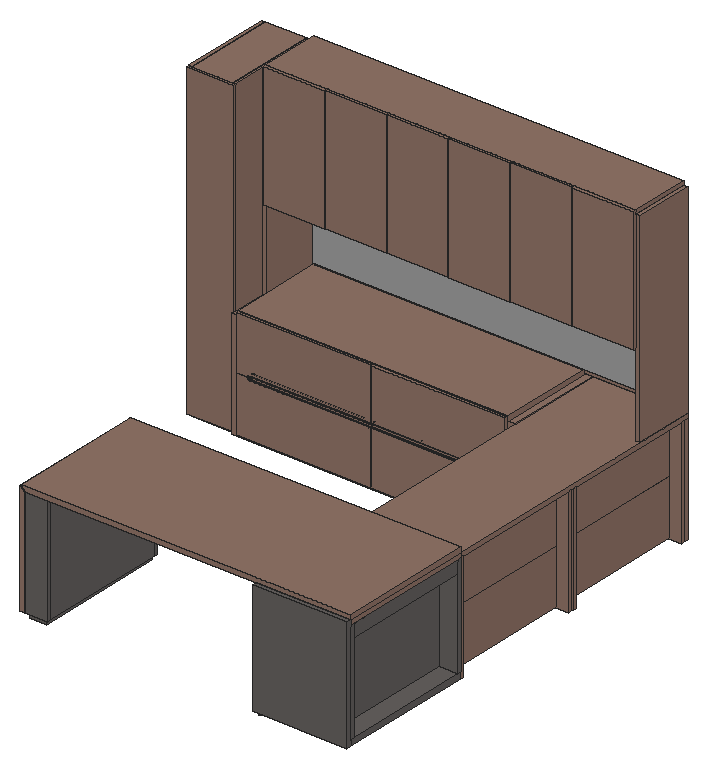
Revit family "OFS TYPICAL T100006", category Furniture, Revit 2022 (continued)
Definition of nested family "OFS SLATE CREDENZAS"
  Types (19): name | Width | Type | Model | Description
    66"W Double Pedestal | 5' - 6" | 1 | "CA-6624CR-2" | "OFS SLATE Credenza Double Pedestal, 66W x 24.75D x 29,25H, Slate Private Office"
    60"W Double Pedestal | 5' - 0" | 1 | "CA-6024CR-2" | "OFS SLATE Credenza Double Pedestal, 60W x 24.75D x 29,25H, Slate Private Office"
  Reference planes (in)
    plane 1 "Center (Front/Back)": y = 0
    plane 2: z = 0
    plane 3 "Center (Left/Right)": x = 0
    plane 4: x = 108
    plane 5: y = -24.83728
    plane 6: x = 54
  Dimensions and locks (in)
    "Width": plane 3 "Center (Left/Right)" to plane 4
    equal spacing: plane 3 "Center (Left/Right)", plane 6, plane 4
    aligned and locked: level to plane 2
    aligned and locked: plane 6 to nested 1
    aligned and locked: plane 5 to nested 1
  Nested families (in)
    nested 1: "Tag" at (54, -24.83728, 0), type "Center", detail levels fine
      with Offset (LR) 0' - 0", Distance of Center (not Change) 0' - 0.12"
    nested 2: "OFS_Slate Private Office_Credenzas_Double Pedestal" at (0, 0, 0), Top <- "Top", Panel <- "Panel", Glides <- "Glides", Drawers <- "Drawers", Case <- "Case", Base <- "Base", Width <- "Width", Type <- "Type", type "OFS_Slate Private Office_Credenzas_Double Pedestal"
      with Width 1 9' - 0", Width 9' - 0", Type 4, Top none, Panel none, Glides none, Drawers none, Double Pedestal no, Case none, Base none
    nested 3: "OFS_Slate Private Office_Credenzas_Lateral File Cabinet" at (0, 0, 0), Top <- "Top", Glides <- "Glides", Drawers <- "Drawers", Case <- "Case", Base <- "Base", Width <- "Width", type "OFS_Slate Private Office_Credenzas_Lateral File Cabinet"
      with Width 1 9' - 0", Width 9' - 0", Top none, Length 2' - 4.755", Glides none, Drawers none, Case none, Base none, Type 4, Lateral File/Cabinet no
    nested 4: "OFS_Slate Private Office_Credenzas_Lateral File" at (0, 0, 0), Top <- "Top", Glides <- "Glides", Drawers <- "Drawers", Case <- "Case", Base <- "Base", Width <- "Width", type "OFS_Slate Private Office_Credenzas_Lateral File"
      with Width 9' - 0", Top none, Length 3 9' - 3", Length 2 2' - 4.692", Length 1 4' - 6", Glides none, Drawers none, Case none, Base none, Type 4, Lateral File no
    nested 5: "OFS_Slate Private Office_Credenzas_Overlay Lateral File Doors" at (0, 0, 0), Top <- "Top", Panel <- "Panel", Glides <- "Glides", Drawers <- "Drawers", Case <- "Case", Base <- "Base", Width <- "Width", type "OFS_Slate Private Office_Credenzas_Overlay Lateral File Doors"
      with Width 1 9' - 0", Width 9' - 0", Top none, Panel none, Length 2 1' - 5 7/8", Length 1 2' - 3.005", Lateral Drawers no, Glides none, Drawers none, Case none, Base none, 4 Drawers no, 2 Drawers no, Type 4, Overlay Lateral File no
    nested 6: "OFS_Slate Private Office_Credenzas_Overlay Lateral File" at (0, 0, 0), Top <- "Top", Panel <- "Panel", Glides <- "Glides", Drawers <- "Drawers", Case <- "Case", Base <- "Base", Width <- "Width", type "OFS_Slate Private Office_Credenzas_Overlay Lateral File"
      with Width 9' - 0", Top none, Panel none, Length 2 1' - 5 7/8", Length 1 2' - 3.005", Glides none, Drawers none, Case none, Base none, 6 Drawers yes, 4 Drawers no, 2 Drawers no
  Definition of nested family "OFS_Slate Private Office_Credenzas_Overlay Lateral File"
    Parameters
      Width [instance] = 2' - 6"
      URL = "http://www.ofsbrands.com/"
      Type = 4
      Top [instance] = none
      Panel [instance] = none
      Model = "Type Catalog"
      Manufacturer = "OFS BRANDS"  # constant formula
      Length 2 [instance] = if(and(Type = 4, Width < 5' 0"), 0' 0.063", 1' 5 7/8")  # 0' - 0.063"
      Length 1 [instance] = if(and(Type = 4, Width = 2' 6"), 1' 7.255", if(and(Type = 4, Width = 3' 0"), 2' 1.255", if(and(Type = 4, Width = 5' 0"), 1' 1.255", if(and(Type = 4, Width = 6' 0"), 2' 1.255", if(and(Type = 4, Width = 7' 6"), 1' 6.005", 2' 3.005")))))  # 1' - 7.255"
      Overlay Lateral File = Type = 4  # yes
      Glides [instance] = none
      Drawers [instance] = none
      Description = "Type Catalog"
      Default Elevation = 0' - 0"
      Copyright © = "© 2016 OFS BRANDS"  # constant formula
      Catalog = "OFS"  # constant formula
      Case [instance] = none
      Base [instance] = none
      Authoring Version = "Autodesk Revit Architecture 2014"  # constant formula
      Assembly Code = "E2020200"
      6 Drawers [instance] = and(Type = 4, Width > 6' 0")  # no
      4 Drawers [instance] = and(Type = 4, Width > 3' 0", Width < 7' 6")  # no
      2 Drawers [instance] = and(Type = 4, Width < 5' 0")  # yes
    Reference planes (in)
      plane 1 "Center (Front/Back)": y = 0
      plane 2: z = 0
      plane 3 "Center (Left/Right)": x = 0
      plane 4: x = 29.25
      plane 5: x = 30
      plane 6: x = 0.75
      plane 7: y = -24
      plane 8: y = -25.58661
      plane 9: y = -23.125
      plane 10: x = 0.125
      plane 11: x = 29.875
      plane 12: z = 0.45
      plane 13: z = 30.3875
      plane 14: y = -1.38677
      plane 15: y = -21.25
      plane 16: y = -11.5625
      plane 17: x = 15
      plane 18: x = 1.8755
      plane 19: x = 28.1245
      plane 20: x = 1.8125
      plane 21: x = 28.1875
      plane 22: x = 28.0625
      plane 23: x = 10.60417
      plane 24: x = 19.39583
    Forms (in)
      Revolve 1, solid, material <- "Glides", visible <- "Overlay Lateral File"
        sketch origin (1.0178, -1.38677, 47.24409) x (-1, 0, 0) y (0, 0, 1)
          loop
            line (0.04905, -46.79409) -> (0.04905, -47.24409) -> (0.29405, -47.24409)
            arc (0.29405, -47.24409) -> (0.42215, -47.13626) -> (0.33773, -46.99165) r 0.13
            line (0.33773, -46.99165) -> (0.29905, -46.99165) -> (0.29905, -46.79409) -> (0.04905, -46.79409)
          axis (0.04905, -46.79409) -> (0.04905, -47.24409)
        angle from 0 to 360
      Revolve 2, solid, material <- "Glides", visible <- "Overlay Lateral File"
        sketch origin (70.9822, -1.38677, 47.24409) x (1, 0, 0) y (0, 0, -1)
          loop
            line (-41.95095, 46.79409) -> (-41.70095, 46.79409) -> (-41.70095, 46.99165) -> (-41.66227, 46.99165)
            arc (-41.66227, 46.99165) -> (-41.57785, 47.13626) -> (-41.70595, 47.24409) r 0.13
            line (-41.70595, 47.24409) -> (-41.95095, 47.24409) -> (-41.95095, 46.79409)
          axis (-41.95095, 46.79409) -> (-41.95095, 47.24409)
        angle from 0 to 360
      Revolve 3, solid, material <- "Glides", visible <- "Overlay Lateral File"
        sketch origin (1.0178, -21.25, 47.24409) x (-1, 0, 0) y (0, 0, 1)
          loop
            line (-28.01344, -46.79409) -> (-28.26344, -46.79409) -> (-28.26344, -46.99165) -> (-28.30212, -46.99165)
            arc (-28.30212, -46.99165) -> (-28.38654, -47.13626) -> (-28.25844, -47.24409) r 0.13
            line (-28.25844, -47.24409) -> (-28.01344, -47.24409) -> (-28.01344, -46.79409)
          axis (-28.01344, -46.79409) -> (-28.01344, -47.24409)
        angle from 0 to 360
      Revolve 4, solid, material <- "Glides", visible <- "Overlay Lateral File"
        sketch origin (1.0178, -21.25, 47.24409) x (-1, 0, 0) y (0, 0, 1)
          loop
            line (0.04905, -46.79409) -> (0.04905, -47.24409) -> (0.29405, -47.24409)
            arc (0.29405, -47.24409) -> (0.42215, -47.13626) -> (0.33773, -46.99165) r 0.13
            line (0.33773, -46.99165) -> (0.29905, -46.99165) -> (0.29905, -46.79409) -> (0.04905, -46.79409)
          axis (0.04905, -46.79409) -> (0.04905, -47.24409)
        angle from 0 to 360
      Sweep 5, solid, material <- "Panel", visible <- "Overlay Lateral File"
        path origin (-60.07556, -60, 0.45) x (-1, 0, 0) y (0, -1, 0)
          loop
            line (-90.07556, -36.875) -> (-60.07556, -36.875)
        profile origin (15, -23.125, 0.45) x (0, -1, 0) y (0, 0, 1)
          loop
            line (-0.75, 0) -> (0, 0) -> (0, 1.25) -> (-0.75, 1.25) -> (-0.75, 0)
      Extrusion 6, solid, material <- "Case", visible <- "Overlay Lateral File"
        sketch origin (0, 0, 0) x (0, 1, 0) y (0, 0, 1)
          loop
            line (0, 29.2) -> (-0.76133, 29.2) -> (-0.76133, 0.45) -> (0, 0.45) -> (0, 29.2)
        from 1.9375 to 28.0625
      Extrusion 7, solid, material <- "Panel", visible <- "Overlay Lateral File"
        sketch origin (0, 0, 0) x (1, 0, 0) y (0, 0, 1)
          loop
            line (0, 29.2) -> (0, 1.7) -> (1.9375, 1.7) -> (1.9375, 29.2) -> (0, 29.2)
          loop
            line (28.0625, 29.2) -> (28.0625, 1.7) -> (30, 1.7) -> (30, 29.2) -> (28.0625, 29.2)
        from 0 to 24.75
      Extrusion 8, solid, material <- "Base", visible <- "Overlay Lateral File"
        sketch origin (-3.76383, -25.58661, 47.24409) x (-1, 0, 0) y (0, 0, 1)
          loop
            line (-5.70133, -44.79409) -> (-31.82633, -44.79409) -> (-31.82633, -45.54409) -> (-5.70133, -45.54409) -> (-5.70133, -44.79409)
        from 0.83661 to 24.83661
      Extrusion 9, solid, material <- "Top", visible <- "Overlay Lateral File"
        sketch origin (1.8125, -27.03977, 47.24409) x (0, -1, 0) y (0, 0, 1)
          loop
            line (-26.28977, -16.85659) -> (-26.28977, -18.0441) -> (-2.28977, -18.0441) -> (-2.28977, -16.85659) -> (-26.28977, -16.85659)
        from 0 to -26.375
      Extrusion 10, solid, material <- "Panel", visible <- "Overlay Lateral File"
        sketch origin (-60.07556, -60, 0.45) x (-1, 0, 0) y (0, -1, 0)
          loop
            line (-62.01306, -38.8125) -> (-62.01306, -60) -> (-60.07556, -60) -> (-60.07556, -36.875) -> (-62.01306, -38.8125)
          loop
            line (-88.13806, -38.8125) -> (-90.07556, -36.875) -> (-90.07556, -60) -> (-88.13806, -60) -> (-88.13806, -38.8125)
        from 0 to 1.25
      Sweep 11, void
        path origin (-3.76383, -25.58661, 47.24409) x (-1, 0, 0) y (0, 0, 1)
          loop
            line (-9.13633, -29.82608) -> (-28.39133, -29.82608)
            arc (-28.39133, -29.82608) -> (-29.2031, -30.63785) -> (-28.39133, -31.44961) r 0.81176
            line (-28.39133, -31.44961) -> (-9.13633, -31.44961)
            arc (-9.13633, -31.44961) -> (-8.32457, -30.63785) -> (-9.13633, -29.82608) r 0.81176
        profile origin (15, -25.58661, 17.41801) x (0, 0, -1) y (0, 1, 0)
          loop
            line (0.74926, 0) -> (0.74926, 0.59375) -> (0.23364, 0.59375)
            arc (0.23364, 0.59375) -> (0.00071, 0.38112) -> (0.19126, 0.12981) r 0.2339
            arc (0.19126, 0.12981) -> (0.23287, 0.10547) -> (0.24927, 0.06015) r 0.07084
            line (0.24927, 0.06015) -> (0.24927, 0) -> (0.74926, 0)
      Extrusion 12, solid, material <- "Drawers", visible <- "2 Drawers"
        sketch origin (15, -60, -12) x (0, 0, -1) y (0, -1, 0)
          loop
            line (-42.325, -35.16339) -> (-28.66875, -35.16339) -> (-28.66875, -34.41339) -> (-42.325, -34.41339) -> (-42.325, -35.16339)
          loop
            line (-13.7, -35.16339) -> (-13.7, -34.41339) -> (-28.54375, -34.41339) -> (-28.54375, -35.16339) -> (-13.7, -35.16339)
        from -13.0625 to 13.0625
      Extrusion 13, solid, material <- "Drawers", visible <- "4 Drawers"
        sketch origin (-3.76383, -25.58661, 47.24409) x (-1, 0, 0) y (0, 0, 1)
          loop
            line (-5.70133, -16.9191) -> (-18.70133, -16.9191) -> (-18.70133, -30.57535) -> (-5.70133, -30.57535) -> (-5.70133, -16.9191)
          loop
            line (-5.70133, -44.79409) -> (-5.70133, -30.70035) -> (-18.70133, -30.70035) -> (-18.70133, -44.79409) -> (-5.70133, -44.79409)
          loop
            line (-18.82633, -16.9191) -> (-31.82633, -16.9191) -> (-31.82633, -30.57535) -> (-18.82633, -30.57535) -> (-18.82633, -16.9191)
          loop
            line (-18.82633, -44.79409) -> (-18.82633, -30.70035) -> (-31.82633, -30.70035) -> (-31.82633, -44.79409) -> (-18.82633, -44.79409)
        from 0 to 0.75
      Extrusion 14, solid, material <- "Drawers", visible <- "6 Drawers"
        sketch origin (-3.76383, -25.58661, 47.24409) x (-1, 0, 0) y (0, 0, 1)
          loop
            line (-5.70133, -16.9191) -> (-14.3055, -16.9191) -> (-14.3055, -30.57535) -> (-5.70133, -30.57535) -> (-5.70133, -16.9191)
          loop
            line (-5.70133, -30.70035) -> (-14.3055, -30.70035) -> (-14.3055, -44.79409) -> (-5.70133, -44.79409) -> (-5.70133, -30.70035)
          loop
            line (-23.09717, -16.9191) -> (-23.09717, -30.57535) -> (-14.4305, -30.57535) -> (-14.4305, -16.9191) -> (-23.09717, -16.9191)
          loop
            line (-23.09717, -30.70035) -> (-23.09717, -44.79409) -> (-14.4305, -44.79409) -> (-14.4305, -30.70035) -> (-23.09717, -30.70035)
          loop
            line (-31.82633, -16.9191) -> (-31.82633, -30.57535) -> (-23.22217, -30.57535) -> (-23.22217, -16.9191) -> (-31.82633, -16.9191)
          loop
            line (-31.82633, -30.70035) -> (-31.82633, -44.79409) -> (-23.22217, -44.79409) -> (-23.22217, -30.70035) -> (-31.82633, -30.70035)
        from 0 to 0.75
    Cuts and joins
      joined: Revolve 1, Revolve 2, Revolve 3, Revolve 4
      joined: Sweep 5, Extrusion 10
      Sweep 11 cuts Extrusion 12
      Sweep 11 cuts Extrusion 13
      Sweep 11 cuts Extrusion 14
    Lines and regions (in)
      Masking region 1, visible <- "Overlay Lateral File"
        outline origin (77.82463, -60, 30.3875) x (0, -1, 0) y (1, 0, 0)
          loop
            line (-60, -77.82463) -> (-34.41339, -77.82463) -> (-34.41339, -47.82463) -> (-60, -47.82463) -> (-60, -77.82463)
    Dimensions and locks (in)
      "Width": plane 3 "Center (Left/Right)" to plane 5
      equal spacing: plane 3 "Center (Left/Right)", plane 17, plane 5
      locked: Extrusion 7 sketch curve to plane 3 "Center (Left/Right)" at 1.9375
      locked: plane 20 to Extrusion 8 sketch curve at 0.125
      Extrusion 10 sketch curve to Extrusion 10 sketch curve to plane 9 = 0' - 0" locked, 0' - 1 15/16" locked
      locked: plane 3 "Center (Left/Right)" to Extrusion 10 sketch curve at 1.9375
      plane 3 "Center (Left/Right)" to plane 10 to plane 6 to plane 20 = 0' - 0 1/8" locked, 0' - 0 5/8" locked, 0' - 1 1/16" locked
      plane 22 to plane 21 to plane 4 to plane 11 to plane 5 = 0' - 0 1/8" locked, 0' - 1 1/16" locked, 0' - 0 5/8" locked, 0' - 0 1/8" locked
      "Length 2": plane 20 to plane 18
      "Length 2": plane 19 to plane 21
      Extrusion 13 sketch curve to plane 17 to Extrusion 13 sketch curve = 0' - 0 1/16" locked, 0' - 0 1/16" locked
      locked: Sweep 11 sketch curve to plane 3 "Center (Left/Right)" at 5.3725
      locked: Sweep 11 sketch curve to plane 5 at 5.3725
      equal spacing: plane 20, plane 23, plane 24, plane 21
      Extrusion 14 sketch curve to plane 23 to Extrusion 14 sketch curve = 0' - 0 1/16" locked, 0' - 0 1/16" locked
      Extrusion 14 sketch curve to plane 24 to Extrusion 14 sketch curve = 0' - 0 1/16" locked, 0' - 0 1/16" locked
      aligned and locked: level to plane 2
      aligned and locked: plane 9 to Sweep 5 sketch curve
      aligned and locked: plane 21 to Extrusion 9
      aligned and locked: Extrusion 6 to plane 22
      aligned and locked: Extrusion 7 sketch curve to plane 22
      aligned and locked: Extrusion 10 sketch curve to plane 22
      aligned and locked: plane 5 to Extrusion 10 sketch curve
      aligned and locked: plane 9 to Extrusion 10 sketch curve  (x2)
      aligned and locked: Extrusion 10 sketch curve to plane 3 "Center (Left/Right)"
      aligned and locked: plane 22 to Extrusion 8 sketch curve
      aligned and locked: Masking region 1 sketch curve to Extrusion 7
      aligned and locked: Extrusion 7 to Extrusion 12
      aligned and locked: Extrusion 12 to plane 22
      aligned and locked: Extrusion 13 sketch curve to Extrusion 6
      aligned and locked: Extrusion 13 sketch curve to cut or joined group of Sweep 11, Extrusion 12
      aligned and locked: Extrusion 13 sketch curve to Extrusion 13 sketch curve
      aligned and locked: plane 22 to Extrusion 13 sketch curve
      aligned and locked: Extrusion 14 sketch curve to cut or joined group of Sweep 11, Extrusion 13
      aligned and locked: Extrusion 14 sketch curve to Extrusion 14 sketch curve  (x6)
      aligned and locked: Extrusion 14 sketch curve to plane 22
    Automatic sketch dimensions
      Revolve 1 sketch curve to plane 12 = 0' - 0"
      Revolve 1 sketch curve to level = 0' - 0"  (x2)
      Revolve 1 sketch curve to plane 6 = 0' - 0 7/32"
      plane 6 to Revolve 1 sketch curve = 0' - 0.02625"
      plane 6 to Revolve 1 sketch curve = 0' - 0 1/32"
      Revolve 1 sketch curve to Revolve 1 sketch curve = 0' - 0.03868"
      level to Revolve 1 sketch curve = 0' - 0.13"
      Revolve 1 sketch curve to Revolve 1 sketch curve = 0' - 0"
      Revolve 1 sketch curve to level = 0' - 0.09316"
      Revolve 2 sketch curve to plane 12 = 0' - 0"
      Revolve 2 sketch curve to level = 0' - 0"  (x2)
      Revolve 2 sketch curve to plane 4 = 0' - 0 7/32"
      plane 4 to Revolve 2 sketch curve = 0' - 0.02625"
      plane 4 to Revolve 2 sketch curve = 0' - 0 1/32"
      Revolve 2 sketch curve to Revolve 2 sketch curve = 0' - 0.03868"
      Revolve 2 sketch curve to plane 12 = 0' - 0.19756"
      Revolve 2 sketch curve to Revolve 2 sketch curve = 0' - 0"
      Revolve 2 sketch curve to Revolve 2 sketch curve = 0' - 0.09316"
      Revolve 3 sketch curve to plane 12 = 0' - 0"
      Revolve 3 sketch curve to level = 0' - 0"  (x2)
      plane 4 to Revolve 3 sketch curve = 0' - 0.06992"
      plane 4 to Revolve 3 sketch curve = 0' - 0 1/32"
      plane 4 to Revolve 3 sketch curve = 0' - 0.02625"
      Revolve 3 sketch curve to plane 4 = 0' - 0 7/32"
      level to Revolve 3 sketch curve = 0' - 0.13"
      Revolve 3 sketch curve to Revolve 3 sketch curve = 0' - 0"
      Revolve 3 sketch curve to Revolve 3 sketch curve = 0' - 0.09316"
      Revolve 4 sketch curve to plane 12 = 0' - 0"
      Revolve 4 sketch curve to level = 0' - 0"  (x2)
      Revolve 4 sketch curve to plane 6 = 0' - 0 7/32"
      plane 6 to Revolve 4 sketch curve = 0' - 0.02625"
      plane 6 to Revolve 4 sketch curve = 0' - 0 1/32"
      Revolve 4 sketch curve to Revolve 4 sketch curve = 0' - 0.03868"
      Revolve 4 sketch curve to Revolve 4 sketch curve = 0' - 0.13"
      Revolve 4 sketch curve to Revolve 4 sketch curve = 0' - 0"
      Revolve 4 sketch curve to level = 0' - 0.09316"
      Extrusion 6 sketch curve to plane 12 = 0' - 0"
      Extrusion 6 sketch curve to plane 1 "Center (Front/Back)" = 0' - 0"
      plane 14 to Extrusion 6 sketch curve = 0' - 0.62544"
      plane 13 to Extrusion 6 sketch curve = 0' - 1 3/16"
      plane 12 to Extrusion 8 sketch curve = 0' - 1 1/4"
      Extrusion 8 sketch curve to Extrusion 8 sketch curve = 0' - 0 3/4"
      plane 13 to Extrusion 9 sketch curve = 0' - 0"
      plane 14 to Extrusion 9 sketch curve = 0' - 0.63677"
      Extrusion 9 sketch curve to plane 7 = 0' - 0 3/4"
      plane 13 to Extrusion 9 sketch curve = 0' - 1 3/16"
      plane 1 "Center (Front/Back)" to Extrusion 10 sketch curve = 0' - 0"  (x2)
      Sweep 11 sketch curve to plane 8 = 0' - 0"
      plane 8 to Sweep 11 sketch curve = 0' - 0.06015"
      Sweep 11 sketch curve to profile plane = 0' - 0.17843"
      Sweep 11 sketch curve to profile plane = 0' - 0.23364"
      Sweep 11 sketch curve to Sweep 11 sketch curve = 0' - 0.07084"
      Sweep 11 sketch curve to Sweep 11 sketch curve = 0' - 0 33/64"
      Sweep 11 sketch curve to Sweep 11 sketch curve = 0' - 0.2997"
      Sweep 11 sketch curve to Sweep 11 sketch curve = 0' - 0.2339"
      Extrusion 12 sketch curve to plane 8 = 0' - 0"  (x2)
      plane 13 to Extrusion 12 sketch curve = 0' - 0 1/16"
      plane 8 to Extrusion 12 sketch curve = 0' - 0 3/4"
      Extrusion 12 sketch curve to Extrusion 12 sketch curve = 1' - 1 21/32"
      Extrusion 12 sketch curve to Extrusion 12 sketch curve = 0' - 0 1/8"
      plane 12 to Extrusion 12 sketch curve = 0' - 1 1/4"
      Extrusion 12 sketch curve to Extrusion 12 sketch curve = 0' - 0 3/4"
      plane 13 to Sweep 11 sketch curve = 1' - 2.59302"
      Sweep 11 sketch curve to Sweep 11 sketch curve = 0' - 0.81176"
      Sweep 5 sketch curve to plane 5 = 0' - 0"
      Sweep 5 sketch curve to plane 3 "Center (Left/Right)" = 0' - 0"
      Sweep 5 sketch curve to plane 12 = 0' - 0"
      Sweep 5 sketch curve to profile plane = 0' - 0"
      profile plane to Sweep 5 sketch curve = 0' - 0 3/4"
      Sweep 5 sketch curve to Sweep 5 sketch curve = 0' - 1 1/4"
      Extrusion 7 sketch curve to plane 3 "Center (Left/Right)" = 0' - 0"
      plane 5 to Extrusion 7 sketch curve = 0' - 0"
      plane 12 to Extrusion 7 sketch curve = 0' - 1 1/4"  (x2)
      plane 13 to Extrusion 7 sketch curve = 0' - 1 3/16"  (x2)
      Extrusion 13 sketch curve to plane 17 = 0' - 0 1/16"
      plane 17 to Extrusion 13 sketch curve = 0' - 0 1/16"
      plane 12 to Extrusion 13 sketch curve = 0' - 2"  (x2)
      plane 13 to Extrusion 13 sketch curve = 1' - 1 27/32"
      Extrusion 13 sketch curve to Extrusion 13 sketch curve = 0' - 0"
      Extrusion 13 sketch curve to Extrusion 13 sketch curve = 0' - 0 1/8"  (x2)
      plane 13 to Extrusion 13 sketch curve = 0' - 0 1/16"  (x2)
      plane 12 to Extrusion 14 sketch curve = 0' - 2"  (x2)
      Extrusion 14 sketch curve to Extrusion 14 sketch curve = 0' - 0"  (x2)
      plane 13 to Extrusion 14 sketch curve = 1' - 1 27/32"  (x2)
      Extrusion 14 sketch curve to Extrusion 14 sketch curve = 0' - 0 1/8"  (x3)
      plane 13 to Extrusion 14 sketch curve = 0' - 0 1/16"  (x3)
      Masking region 1 sketch curve to plane 3 "Center (Left/Right)" = 0' - 0"
      Masking region 1 sketch curve to plane 8 = 0' - 0"
      Masking region 1 sketch curve to plane 5 = 0' - 0"
  Definition of nested family "Tag"
    Parameters
      P_Width = 0' - 0"
      Text_Width = "Empty"
      Text_Height = "Empty"
      Text_Diameter = "Empty"
      Text_Depth = "Empty"
      Offset (LR) [instance] = 0' - 0"
      Model Name = "Type Catalog"
      P_Height = 0' - 0"
      Distance of Center (not Change) = 0' - 0.1"
      P_Diameter = 0' - 0"
      P_Depth = 0' - 0"
    Reference planes (in)
      plane 1: y = 0
      plane 2: x = 0
    Lines and regions (in)
      reference lines
        curve 1: line (-0.44359, 0.1, 0) -> (0.41085, 0.1, 0)
        curve 3: line (0, 0.42564, 0) -> (0, -0.30221, 0)
      reference lines, not visible
        curve 2: line (-0.44359, 0.09843, 0) -> (0.41085, 0.09843, 0)
        curve 4: line (0, 0.42407, 0) -> (0, -0.30379, 0)
    Text (in)
      label "Empty" at (0.00197, 0.0921, 0), shows "Model Name"
      label "Empty" at (0.00197, 0.09052, 0), shows "Model Name", not visible
    Dimensions and locks (in)
      "Distance of Center (not Change)": plane 1 to curve 1
      "Offset (LR)": curve 3 to plane 2
    Automatic sketch dimensions
      curve 1 to curve 3 = 0' - 0.44359"
      curve 3 to curve 1 = 0' - 0.41085"
      curve 3 to curve 1 = 0' - 0.40221"
      curve 1 to curve 3 = 0' - 0.32564"
      curve 2 to curve 4 = 0' - 0.44359"
      curve 4 to curve 2 = 0' - 0.41085"
      curve 4 to curve 2 = 0' - 0.40221"
      curve 2 to curve 4 = 0' - 0.32564"
  Definition of nested family "OFS_Slate Private Office_Credenzas_Double Pedestal"
    Parameters
      Width 1 [instance] = if(Width < 5' 0", 5' 0", Width)  # 5' - 0"
      Width [instance] = 5' - 0"
      URL = "http://www.ofsbrands.com/"
      Type [instance] = 1
      Top [instance] = none
      Panel [instance] = none
      Model = "Type Catalog"
      Manufacturer = "OFS BRANDS"  # constant formula
      Glides [instance] = none
      Drawers [instance] = none
      Double Pedestal [instance] = Type = 1  # yes
      Description = "Type Catalog"
      Default Elevation = 0' - 0"
      Copyright © = "© 2016 OFS BRANDS"  # constant formula
      Catalog = "OFS"  # constant formula
      Case [instance] = none
      Base [instance] = none
      Authoring Version = "Autodesk Revit Architecture 2014"  # constant formula
      Assembly Code = "E2020200"
    Reference planes (in)
      plane 1 "Center (Front/Back)": y = 0
      plane 2: z = 0
      plane 3 "Center (Left/Right)": x = 0
      plane 4: z = 0.45
      plane 5: z = 1.7
      plane 6: z = 28.0125
      plane 7: z = 29.2
      plane 8: z = 2.45
      plane 9: x = 18
      plane 10: x = 30
      plane 11: x = 60
      plane 12: x = 42
      plane 13: y = -1.37544
      plane 14: y = -21.74956
      plane 15: y = -24
      plane 16: y = -24.83661
      plane 17: x = 0.75
      plane 18: x = 59.25
      plane 19: x = 17.25
      plane 20: x = 42.75
      plane 21: x = 18.75
      plane 22: x = 41.25
    Forms (in)
      Extrusion 1, solid, material <- "Top", visible <- "Double Pedestal"
        sketch origin (0, 0, 0) x (0, 1, 0) y (0, 0, 1)
          loop
            line (0, 29.2) -> (-24, 29.2) -> (-24, 28.0125) -> (0, 28.0125) -> (0, 29.2)
        from 0 to 60
      Sweep 2, solid, material <- "Case", visible <- "Double Pedestal"
        path origin (-60.07556, -60, 0.45) x (-1, 0, 0) y (0, -1, 0)
          loop
            line (-60.82556, -60) -> (-60.82556, -37.625) -> (-77.32556, -37.625) -> (-77.32556, -60)
        profile origin (9, -22.375, 0.45) x (0, 1, 0) y (0, 0, 1)
          loop
            line (-0.75, 0) -> (0, 0) -> (0, 1.25) -> (-0.75, 1.25) -> (-0.75, 0)
      Extrusion 3, solid, material <- "Case", visible <- "Double Pedestal"
        sketch origin (-3.76383, -24, 47.24409) x (-1, 0, 0) y (0, 0, 1)
          loop
            line (-3.76383, -19.2316) -> (-4.51383, -19.2316) -> (-4.51383, -45.5441) -> (-3.76383, -45.5441) -> (-3.76383, -19.2316)
          loop
            line (-21.01383, -19.2316) -> (-21.76383, -19.2316) -> (-21.76383, -45.5441) -> (-21.01383, -45.5441) -> (-21.01383, -19.2316)
          loop
            line (-63.76383, -19.2316) -> (-63.76383, -45.5441) -> (-63.01383, -45.5441) -> (-63.01383, -19.2316) -> (-63.76383, -19.2316)
          loop
            line (-46.51383, -19.2316) -> (-46.51383, -45.5441) -> (-45.76383, -45.5441) -> (-45.76383, -19.2316) -> (-46.51383, -19.2316)
        from 0 to 24
      Extrusion 4, solid, material <- "Case", visible <- "Double Pedestal"
        sketch origin (-60.07556, -60, 0.45) x (-1, 0, 0) y (0, -1, 0)
          loop
            line (-60.82556, -60) -> (-60.82556, -59.25) -> (-77.32556, -59.25) -> (-77.32556, -60) -> (-60.82556, -60)
          loop
            line (-119.32556, -59.25) -> (-119.32556, -60) -> (-102.82556, -60) -> (-102.82556, -59.25) -> (-119.32556, -59.25)
        from 0 to 27.5625
      Extrusion 5, solid, material <- "Case", visible <- "Double Pedestal"
        sketch origin (-60.07556, -60, 0.45) x (-1, 0, 0) y (0, -1, 0)
          loop
            line (-78.07556, -60) -> (-78.07556, -56.75) -> (-78.82556, -56.75) -> (-78.82556, -60) -> (-78.07556, -60)
          loop
            line (-101.32556, -60) -> (-101.32556, -56.75) -> (-102.07556, -56.75) -> (-102.07556, -60) -> (-101.32556, -60)
        from 0 to 27.5625
      Extrusion 6, solid, material <- "Panel", visible <- "Double Pedestal"
        sketch origin (-60.07556, -60, 0.45) x (-1, 0, 0) y (0, -1, 0)
          loop
            line (-78.07556, -56.75) -> (-78.07556, -56) -> (-102.07556, -56) -> (-102.07556, -56.75) -> (-78.07556, -56.75)
        from 0 to 14
      Extrusion 7, solid, material <- "Panel", visible <- "Double Pedestal"
        sketch origin (-60.07556, -60, 0.45) x (-1, 0, 0) y (0, -1, 0)
          loop
            line (-78.20056, -56.75) -> (-78.20056, -56) -> (-101.95056, -56) -> (-101.95056, -56.75) -> (-78.20056, -56.75)
        from 14.125 to 26.8125
      Extrusion 8, solid, material <- "Drawers", visible <- "Double Pedestal"
        sketch origin (63.21186, -24.83661, 47.24409) x (1, 0, 0) y (0, 0, 1)
          loop
            line (-63.08686, -18.10659) -> (-63.08686, -31.76284) -> (-45.21186, -31.76284) -> (-45.21186, -18.10659) -> (-63.08686, -18.10659)
          loop
            line (-45.21186, -31.88784) -> (-63.08686, -31.88784) -> (-63.08686, -45.5441) -> (-45.21186, -45.5441) -> (-45.21186, -31.88784)
          loop
            line (-3.33686, -18.10659) -> (-21.21186, -18.10659) -> (-21.21186, -31.76284) -> (-3.33686, -31.76284) -> (-3.33686, -18.10659)
          loop
            line (-21.21186, -31.88784) -> (-21.21186, -45.5441) -> (-3.33686, -45.5441) -> (-3.33686, -31.88784) -> (-21.21186, -31.88784)
        from 0 to -0.75
      Sweep 9, void
        path origin (63.21186, -24.83661, 47.24409) x (1, 0, 0) y (0, 0, 1)
          loop
            arc (-59.52677, -31.01358) -> (-60.33854, -31.82534) -> (-59.52677, -32.63711) r 0.81176
            line (-59.52677, -32.63711) -> (-48.77196, -32.63711)
            arc (-48.77196, -32.63711) -> (-47.96019, -31.82534) -> (-48.77196, -31.01358) r 0.81176
            line (-48.77196, -31.01358) -> (-59.52677, -31.01358)
        profile origin (9.0625, -24.83661, 16.23051) x (0, 0, 1) y (0, -1, 0)
          loop
            line (-0.74926, 0) -> (-0.74926, -0.59375) -> (-0.23364, -0.59375)
            arc (-0.23364, -0.59375) -> (0.00064, -0.37682) -> (-0.19766, -0.12657) r 0.23498
            arc (-0.19766, -0.12657) -> (-0.2346, -0.106) -> (-0.24927, -0.06635) r 0.06093
            line (-0.24927, -0.06635) -> (-0.24927, 0) -> (-0.74926, 0)
      Sweep 10, void
        path origin (-3.21186, -24.83661, 47.24409) x (-1, 0, 0) y (0, 0, -1)
          loop
            line (-59.52677, 31.01358) -> (-48.77196, 31.01358)
            arc (-48.77196, 31.01358) -> (-47.96019, 31.82534) -> (-48.77196, 32.63711) r 0.81176
            line (-48.77196, 32.63711) -> (-59.52677, 32.63711)
            arc (-59.52677, 32.63711) -> (-60.33854, 31.82534) -> (-59.52677, 31.01358) r 0.81176
        profile origin (50.9375, -24.83661, 16.23051) x (0, 0, -1) y (0, -1, 0)
          loop
            line (0.74926, 0) -> (0.24927, 0) -> (0.24927, -0.06635)
            arc (0.24927, -0.06635) -> (0.2346, -0.106) -> (0.19766, -0.12657) r 0.06093
            arc (0.19766, -0.12657) -> (-0.00064, -0.37682) -> (0.23364, -0.59375) r 0.23498
            line (0.23364, -0.59375) -> (0.74926, -0.59375) -> (0.74926, 0)
      Extrusion 11, solid, material <- "Base", visible <- "Double Pedestal"
        sketch origin (0, 0, 0) x (1, 0, 0) y (0, 0, 1)
          loop
            line (0.75, 2.45) -> (0.75, 1.7) -> (17.25, 1.7) -> (17.25, 2.45) -> (0.75, 2.45)
          loop
            line (42.75, 2.45) -> (42.75, 1.7) -> (59.25, 1.7) -> (59.25, 2.45) -> (42.75, 2.45)
        from 0.75 to 24
      Sweep 12, solid, material <- "Case", visible <- "Double Pedestal"
        path origin (120.07556, -60, 0.45) x (1, 0, 0) y (0, 1, 0)
          loop
            line (-60.82556, 60) -> (-60.82556, 37.625) -> (-77.32556, 37.625) -> (-77.32556, 60)
        profile origin (51, -22.375, 0.45) x (0, -1, 0) y (0, 0, 1)
          loop
            line (0.75, 0) -> (0.75, 1.25) -> (0, 1.25) -> (0, 0) -> (0.75, 0)
      Extrusion 13, solid, material <- "Case", visible <- "Double Pedestal"
        sketch origin (-60.07556, -60, 0.45) x (-1, 0, 0) y (0, -1, 0)
          loop
            line (-60.82556, -59.25) -> (-60.82556, -57.75) -> (-62.32556, -57.75) -> (-62.32556, -59.25) -> (-60.82556, -59.25)
          loop
            line (-75.82556, -59.25) -> (-75.82556, -57.75) -> (-77.32556, -57.75) -> (-77.32556, -59.25) -> (-75.82556, -59.25)
          loop
            line (-62.32556, -39.125) -> (-60.82556, -39.125) -> (-60.82556, -37.625) -> (-62.32556, -37.625) -> (-62.32556, -39.125)
          loop
            line (-75.82556, -39.125) -> (-75.82556, -37.625) -> (-77.32556, -37.625) -> (-77.32556, -39.125) -> (-75.82556, -39.125)
          loop
            line (-119.32556, -59.25) -> (-117.82556, -59.25) -> (-117.82556, -57.75) -> (-119.32556, -57.75) -> (-119.32556, -59.25)
          loop
            line (-104.32556, -59.25) -> (-102.82556, -59.25) -> (-102.82556, -57.75) -> (-104.32556, -57.75) -> (-104.32556, -59.25)
          loop
            line (-117.82556, -39.125) -> (-117.82556, -37.625) -> (-119.32556, -37.625) -> (-119.32556, -39.125) -> (-117.82556, -39.125)
          loop
            line (-104.32556, -39.125) -> (-102.82556, -39.125) -> (-102.82556, -37.625) -> (-104.32556, -37.625) -> (-104.32556, -39.125)
        from 0 to 1.25
      Revolve 14, solid, material <- "Glides", visible <- "Double Pedestal"
        sketch origin (-3.76383, -1.37544, 47.24409) x (-1, 0, 0) y (0, 0, 1)
          loop
            line (-5.15473, -46.79409) -> (-5.15473, -47.24409) -> (-4.90473, -47.24409)
            arc (-4.90473, -47.24409) -> (-4.78439, -47.13335) -> (-4.86606, -46.99165) r 0.13088
            line (-4.86606, -46.99165) -> (-4.90473, -46.99165) -> (-4.90473, -46.79409) -> (-5.15473, -46.79409)
          axis (-5.15473, -46.79409) -> (-5.15473, -47.24409)
        angle from 0 to 360
      Revolve 15, solid, material <- "Glides", visible <- "Double Pedestal"
        sketch origin (21.76383, -1.37544, 47.24409) x (1, 0, 0) y (0, 0, -1)
          loop
            line (-5.15473, 46.79409) -> (-4.90473, 46.79409) -> (-4.90473, 46.99165) -> (-4.86606, 46.99165)
            arc (-4.86606, 46.99165) -> (-4.78439, 47.13335) -> (-4.90473, 47.24409) r 0.13088
            line (-4.90473, 47.24409) -> (-5.15473, 47.24409) -> (-5.15473, 46.79409)
          axis (-5.15473, 46.79409) -> (-5.15473, 47.24409)
        angle from 0 to 360
      Revolve 16, solid, material <- "Glides", visible <- "Double Pedestal"
        sketch origin (63.21186, -21.74956, 47.24409) x (1, 0, 0) y (0, 0, 1)
          loop
            line (-61.82096, -46.79409) -> (-62.07096, -46.79409) -> (-62.07096, -46.99165) -> (-62.10964, -46.99165)
            arc (-62.10964, -46.99165) -> (-62.19131, -47.13335) -> (-62.07096, -47.24409) r 0.13088
            line (-62.07096, -47.24409) -> (-61.82096, -47.24409) -> (-61.82096, -46.79409)
          axis (-61.82096, -46.79409) -> (-61.82096, -47.24409)
        angle from 0 to 360
      Revolve 17, solid, material <- "Glides", visible <- "Double Pedestal"
        sketch origin (63.21186, -21.74956, 47.24409) x (1, 0, 0) y (0, 0, 1)
          loop
            line (-46.60277, -46.79409) -> (-46.60277, -47.24409) -> (-46.35277, -47.24409)
            arc (-46.35277, -47.24409) -> (-46.23242, -47.13335) -> (-46.31409, -46.99165) r 0.13088
            line (-46.31409, -46.99165) -> (-46.35277, -46.99165) -> (-46.35277, -46.79409) -> (-46.60277, -46.79409)
          axis (-46.60277, -46.79409) -> (-46.60277, -47.24409)
        angle from 0 to 360
      Revolve 18, solid, material <- "Glides", visible <- "Double Pedestal"
        sketch origin (63.76383, -1.37544, 47.24409) x (1, 0, 0) y (0, 0, -1)
          loop
            line (-5.15473, 46.79409) -> (-4.90473, 46.79409) -> (-4.90473, 46.99165) -> (-4.86606, 46.99165)
            arc (-4.86606, 46.99165) -> (-4.78439, 47.13335) -> (-4.90473, 47.24409) r 0.13088
            line (-4.90473, 47.24409) -> (-5.15473, 47.24409) -> (-5.15473, 46.79409)
          axis (-5.15473, 46.79409) -> (-5.15473, 47.24409)
        angle from 0 to 360
      Revolve 19, solid, material <- "Glides", visible <- "Double Pedestal"
        sketch origin (38.23617, -1.37544, 47.24409) x (-1, 0, 0) y (0, 0, 1)
          loop
            line (-5.15473, -46.79409) -> (-5.15473, -47.24409) -> (-4.90473, -47.24409)
            arc (-4.90473, -47.24409) -> (-4.78439, -47.13335) -> (-4.86606, -46.99165) r 0.13088
            line (-4.86606, -46.99165) -> (-4.90473, -46.99165) -> (-4.90473, -46.79409) -> (-5.15473, -46.79409)
          axis (-5.15473, -46.79409) -> (-5.15473, -47.24409)
        angle from 0 to 360
      Revolve 20, solid, material <- "Glides", visible <- "Double Pedestal"
        sketch origin (-3.21186, -21.74956, 47.24409) x (-1, 0, 0) y (0, 0, -1)
          loop
            line (-61.82096, 46.79409) -> (-61.82096, 47.24409) -> (-62.07096, 47.24409)
            arc (-62.07096, 47.24409) -> (-62.19131, 47.13335) -> (-62.10964, 46.99165) r 0.13088
            line (-62.10964, 46.99165) -> (-62.07096, 46.99165) -> (-62.07096, 46.79409) -> (-61.82096, 46.79409)
          axis (-61.82096, 46.79409) -> (-61.82096, 47.24409)
        angle from 0 to 360
      Revolve 21, solid, material <- "Glides", visible <- "Double Pedestal"
        sketch origin (-3.21186, -21.74956, 47.24409) x (-1, 0, 0) y (0, 0, -1)
          loop
            line (-46.60277, 46.79409) -> (-46.35277, 46.79409) -> (-46.35277, 46.99165) -> (-46.31409, 46.99165)
            arc (-46.31409, 46.99165) -> (-46.23242, 47.13335) -> (-46.35277, 47.24409) r 0.13088
            line (-46.35277, 47.24409) -> (-46.60277, 47.24409) -> (-46.60277, 46.79409)
          axis (-46.60277, 46.79409) -> (-46.60277, 47.24409)
        angle from 0 to 360
    Cuts and joins
      Sweep 9, Sweep 10 cuts Extrusion 8
      joined: Sweep 2, Extrusion 3, Extrusion 13
      joined: Revolve 14, Revolve 15, Revolve 16, Revolve 17, Revolve 18, Revolve 19, Revolve 20, Revolve 21
    Lines and regions (in)
      Masking region 1, visible <- "Double Pedestal"
        outline origin (-60.07556, -60, 29.2) x (-1, 0, 0) y (0, -1, 0)
          loop
            line (-60.07556, -60) -> (-60.07556, -35.16339) -> (-120.07556, -35.16339) -> (-120.07556, -60) -> (-60.07556, -60)
    Dimensions and locks (in)
      "Width 1": plane 3 "Center (Left/Right)" to plane 11
      plane 3 "Center (Left/Right)" to plane 17 to plane 19 to plane 9 to plane 21 = 0' - 0 3/4" locked, 1' - 4 1/2" locked, 0' - 0 3/4" locked, 0' - 0 3/4" locked
      plane 22 to plane 12 to plane 20 to plane 18 to plane 11 = 0' - 0 3/4" locked, 0' - 0 3/4" locked, 1' - 4 1/2" locked, 0' - 0 3/4" locked
      equal spacing: plane 3 "Center (Left/Right)", plane 10, plane 11
      Sweep 9 sketch curve to Sweep 9 sketch curve to plane 3 "Center (Left/Right)" = 0' - 10.75482" locked, 0' - 3.68509" locked
      Sweep 10 sketch curve to Sweep 10 sketch curve to plane 11 = 0' - 10.75482" locked, 0' - 3.68509" locked
      aligned and locked: level to plane 2
      aligned and locked: plane 11 to Extrusion 1
      aligned and locked: Extrusion 3 sketch curve to Extrusion 1  (x2)
      aligned and locked: Extrusion 3 sketch curve to Sweep 2  (x2)
      aligned and locked: Extrusion 3 sketch curve to plane 6
      aligned and locked: Extrusion 3 sketch curve to plane 19
      aligned and locked: Extrusion 4 sketch curve to plane 19
      aligned and locked: plane 20 to Extrusion 4 sketch curve
      aligned and locked: plane 18 to Extrusion 4 sketch curve
      aligned and locked: plane 17 to Extrusion 4 sketch curve
      aligned and locked: Sweep 2 to Extrusion 5 sketch curve
      aligned and locked: plane 21 to Extrusion 5 sketch curve
      aligned and locked: plane 1 "Center (Front/Back)" to Extrusion 5 sketch curve
      aligned and locked: plane 22 to Extrusion 5 sketch curve
      aligned and locked: plane 12 to Extrusion 5 sketch curve
      aligned and locked: Sweep 12 sketch curve to plane 20
      aligned and locked: plane 18 to Sweep 12 sketch curve
      aligned and locked: plane 19 to Sweep 2 sketch curve
      aligned and locked: Sweep 2 sketch curve to plane 17
      aligned and locked: Masking region 1 sketch curve to Extrusion 1  (x2)
      aligned and locked: Masking region 1 sketch curve to cut or joined group of Extrusion 8, Sweep 9, Sweep 10
      aligned and locked: Masking region 1 sketch curve to plane 11
    Automatic sketch dimensions
      Extrusion 1 sketch curve to plane 7 = 0' - 0"
      Extrusion 1 sketch curve to plane 15 = 0' - 0"
      Extrusion 1 sketch curve to plane 1 "Center (Front/Back)" = 0' - 0"
      plane 6 to Extrusion 1 sketch curve = 0' - 0"
      plane 1 "Center (Front/Back)" to Sweep 2 sketch curve = 0' - 0"  (x2)
      plane 14 to Sweep 2 sketch curve = 0' - 0.62544"
      Sweep 2 sketch curve to plane 4 = 0' - 0"
      Sweep 2 sketch curve to profile plane = 0' - 0"
      profile plane to Sweep 2 sketch curve = 0' - 0 3/4"
      plane 4 to Sweep 2 sketch curve = 0' - 1 1/4"
      Extrusion 3 sketch curve to plane 5 = 0' - 0"  (x4)
      Extrusion 3 sketch curve to plane 11 = 0' - 0"
      plane 18 to Extrusion 3 sketch curve = 0' - 0"
      plane 20 to Extrusion 3 sketch curve = 0' - 0"
      Extrusion 3 sketch curve to plane 6 = 0' - 0"  (x2)
      Extrusion 3 sketch curve to plane 12 = 0' - 0"
      plane 1 "Center (Front/Back)" to Extrusion 4 sketch curve = 0' - 0"  (x2)
      plane 13 to Extrusion 4 sketch curve = 0' - 0.62544"  (x2)
      plane 1 "Center (Front/Back)" to Extrusion 5 sketch curve = 0' - 0"
      Extrusion 5 sketch curve to plane 13 = 0' - 1.87456"  (x2)
      Extrusion 6 sketch curve to plane 12 = 0' - 0"
      Extrusion 6 sketch curve to plane 9 = 0' - 0"
      Extrusion 6 sketch curve to plane 13 = 0' - 1.87456"
      Extrusion 6 sketch curve to Extrusion 6 sketch curve = 0' - 0 3/4"
      plane 12 to Extrusion 7 sketch curve = 0' - 0 1/8"
      plane 9 to Extrusion 7 sketch curve = 0' - 0 1/8"
      Extrusion 7 sketch curve to plane 13 = 0' - 1.87456"
      Extrusion 7 sketch curve to Extrusion 7 sketch curve = 0' - 0 3/4"
      Extrusion 8 sketch curve to plane 5 = 0' - 0"  (x2)
      Extrusion 8 sketch curve to plane 9 = 0' - 0"  (x2)
      plane 3 "Center (Left/Right)" to Extrusion 8 sketch curve = 0' - 0 1/8"
      Extrusion 8 sketch curve to Extrusion 8 sketch curve = 0' - 0"  (x2)
      Extrusion 8 sketch curve to plane 12 = 0' - 0"  (x2)
      Extrusion 8 sketch curve to plane 11 = 0' - 0 1/8"
      plane 6 to Extrusion 8 sketch curve = 1' - 0 21/32"  (x2)
      Extrusion 8 sketch curve to Extrusion 8 sketch curve = 0' - 0 1/8"  (x2)
      Extrusion 8 sketch curve to plane 7 = 0' - 0 1/16"  (x2)
      Sweep 9 sketch curve to plane 8 = 1' - 0.15699"
      Sweep 9 sketch curve to Sweep 9 sketch curve = 0' - 0.81176"
      Sweep 9 sketch curve to plane 16 = 0' - 0"
      profile plane to Sweep 9 sketch curve = 0' - 0.74926"
      Sweep 9 sketch curve to plane 16 = 0' - 0.06635"
      profile plane to Sweep 9 sketch curve = 0' - 0.24927"
      profile plane to Sweep 9 sketch curve = 0' - 0.23364"
      Sweep 9 sketch curve to Sweep 9 sketch curve = 0' - 0.06093"
      Sweep 9 sketch curve to Sweep 9 sketch curve = 0' - 0.29242"
      Sweep 9 sketch curve to Sweep 9 sketch curve = 0' - 0.23498"
      plane 6 to Sweep 10 sketch curve = 0' - 11.78198"
      Sweep 10 sketch curve to Sweep 10 sketch curve = 0' - 0.81176"
      Sweep 10 sketch curve to plane 16 = 0' - 0"
      Sweep 10 sketch curve to plane 16 = 0' - 0.06635"
      Sweep 10 sketch curve to profile plane = 0' - 0.18833"
      Sweep 10 sketch curve to profile plane = 0' - 0.23364"
      Sweep 10 sketch curve to Sweep 10 sketch curve = 0' - 0.06093"
      Sweep 10 sketch curve to Sweep 10 sketch curve = 0' - 0 33/64"
      Sweep 10 sketch curve to Sweep 10 sketch curve = 0' - 0.29242"
      Sweep 10 sketch curve to Sweep 10 sketch curve = 0' - 0.23498"
      Extrusion 11 sketch curve to plane 5 = 0' - 0"  (x2)
      Extrusion 11 sketch curve to plane 17 = 0' - 0"
      Extrusion 11 sketch curve to plane 19 = 0' - 0"
      Extrusion 11 sketch curve to plane 8 = 0' - 0"  (x2)
      plane 20 to Extrusion 11 sketch curve = 0' - 0"
      plane 18 to Extrusion 11 sketch curve = 0' - 0"
      plane 1 "Center (Front/Back)" to Sweep 12 sketch curve = 0' - 0"  (x2)
      plane 14 to Sweep 12 sketch curve = 0' - 0.62544"
      Sweep 12 sketch curve to plane 4 = 0' - 0"
      Sweep 12 sketch curve to profile plane = 0' - 0"
      Sweep 12 sketch curve to profile plane = 0' - 0 3/4"
      Sweep 12 sketch curve to Sweep 12 sketch curve = 0' - 1 1/4"
      Extrusion 13 sketch curve to plane 18 = 0' - 0"  (x2)
      Extrusion 13 sketch curve to plane 20 = 0' - 0"  (x2)
      Extrusion 13 sketch curve to plane 19 = 0' - 0"  (x2)
      Extrusion 13 sketch curve to plane 17 = 0' - 0"  (x2)
      plane 13 to Extrusion 13 sketch curve = 0' - 0.62544"  (x4)
      Extrusion 13 sketch curve to Extrusion 13 sketch curve = 0' - 1 1/2"  (x5)
      plane 14 to Extrusion 13 sketch curve = 0' - 0.62544"  (x4)
      Extrusion 13 sketch curve to plane 20 = 0' - 1 1/2"
      plane 17 to Extrusion 13 sketch curve = 0' - 1 1/2"  (x2)
      Extrusion 13 sketch curve to plane 13 = 0' - 0.87456"  (x4)
      Extrusion 13 sketch curve to plane 14 = 0' - 0.87456"  (x4)
      Revolve 14 sketch curve to plane 4 = 0' - 0"
      Revolve 14 sketch curve to level = 0' - 0"  (x2)
      plane 17 to Revolve 14 sketch curve = 0' - 0.6409"
      Revolve 14 sketch curve to Revolve 14 sketch curve = 0' - 0.24097"
      Revolve 14 sketch curve to Revolve 14 sketch curve = 0' - 0.00903"  (x2)
      Revolve 14 sketch curve to Revolve 14 sketch curve = 0' - 0.03868"
      level to Revolve 14 sketch curve = 0' - 0.13057"
      Revolve 14 sketch curve to Revolve 14 sketch curve = 0' - 0"
      Revolve 14 sketch curve to level = 0' - 0.10773"
      Revolve 15 sketch curve to plane 4 = 0' - 0"
      Revolve 15 sketch curve to level = 0' - 0"  (x2)
      Revolve 15 sketch curve to plane 19 = 0' - 0.6409"
      Revolve 15 sketch curve to Revolve 15 sketch curve = 0' - 0.24097"
      Revolve 15 sketch curve to Revolve 15 sketch curve = 0' - 0.00903"  (x2)
      Revolve 15 sketch curve to Revolve 15 sketch curve = 0' - 0.03868"
      Revolve 15 sketch curve to Revolve 15 sketch curve = 0' - 0.19756"
      Revolve 15 sketch curve to Revolve 15 sketch curve = 0' - 0"
      Revolve 15 sketch curve to level = 0' - 0.10773"
      Revolve 16 sketch curve to plane 4 = 0' - 0"
      Revolve 16 sketch curve to level = 0' - 0"  (x2)
      plane 17 to Revolve 16 sketch curve = 0' - 0.35223"
      Revolve 16 sketch curve to Revolve 16 sketch curve = 0' - 0.03868"
      Revolve 16 sketch curve to Revolve 16 sketch curve = 0' - 0"  (x2)
      Revolve 16 sketch curve to Revolve 16 sketch curve = 0' - 0.00903"
      Revolve 16 sketch curve to Revolve 16 sketch curve = 0' - 0 1/4"
      level to Revolve 16 sketch curve = 0' - 0.13057"
      Revolve 16 sketch curve to level = 0' - 0.10773"
      Revolve 17 sketch curve to plane 4 = 0' - 0"
      Revolve 17 sketch curve to level = 0' - 0"  (x2)
      Revolve 17 sketch curve to plane 19 = 0' - 0.6409"
      Revolve 17 sketch curve to Revolve 17 sketch curve = 0' - 0.24097"
      Revolve 17 sketch curve to Revolve 17 sketch curve = 0' - 0.00903"  (x2)
      Revolve 17 sketch curve to Revolve 17 sketch curve = 0' - 0.03868"
      level to Revolve 17 sketch curve = 0' - 0.13057"
      Revolve 17 sketch curve to Revolve 17 sketch curve = 0' - 0"
      Revolve 17 sketch curve to level = 0' - 0.10773"
      Revolve 18 sketch curve to plane 4 = 0' - 0"
      Revolve 18 sketch curve to level = 0' - 0"  (x2)
      plane 18 to Revolve 18 sketch curve = 0' - 0.6409"
      Revolve 18 sketch curve to Revolve 18 sketch curve = 0' - 0.24097"
      Revolve 18 sketch curve to Revolve 18 sketch curve = 0' - 0.00903"  (x2)
      Revolve 18 sketch curve to Revolve 18 sketch curve = 0' - 0.03868"
      Revolve 18 sketch curve to Revolve 18 sketch curve = 0' - 0.19756"
      Revolve 18 sketch curve to Revolve 18 sketch curve = 0' - 0"
      Revolve 18 sketch curve to level = 0' - 0.10773"
      Revolve 19 sketch curve to plane 4 = 0' - 0"
      Revolve 19 sketch curve to level = 0' - 0"  (x2)
      Revolve 19 sketch curve to plane 20 = 0' - 0.6409"
      Revolve 19 sketch curve to Revolve 19 sketch curve = 0' - 0.24097"
      Revolve 19 sketch curve to Revolve 19 sketch curve = 0' - 0.00903"  (x2)
      Revolve 19 sketch curve to Revolve 19 sketch curve = 0' - 0.03868"
      level to Revolve 19 sketch curve = 0' - 0.13057"
      Revolve 19 sketch curve to Revolve 19 sketch curve = 0' - 0"
      Revolve 19 sketch curve to level = 0' - 0.10773"
      Revolve 20 sketch curve to plane 4 = 0' - 0"
      Revolve 20 sketch curve to level = 0' - 0"  (x2)
      plane 18 to Revolve 20 sketch curve = 0' - 0.35223"
      Revolve 20 sketch curve to Revolve 20 sketch curve = 0' - 0.03868"
      Revolve 20 sketch curve to Revolve 20 sketch curve = 0' - 0"  (x2)
      Revolve 20 sketch curve to Revolve 20 sketch curve = 0' - 0.00903"
      Revolve 20 sketch curve to Revolve 20 sketch curve = 0' - 0 1/4"
      Revolve 20 sketch curve to Revolve 20 sketch curve = 0' - 0.19756"
      Revolve 20 sketch curve to level = 0' - 0.10773"
      Revolve 21 sketch curve to plane 4 = 0' - 0"
      Revolve 21 sketch curve to level = 0' - 0"  (x2)
      Revolve 21 sketch curve to plane 20 = 0' - 0.6409"
      Revolve 21 sketch curve to Revolve 21 sketch curve = 0' - 0.24097"
      Revolve 21 sketch curve to Revolve 21 sketch curve = 0' - 0.00903"  (x2)
      Revolve 21 sketch curve to Revolve 21 sketch curve = 0' - 0.03868"
      Revolve 21 sketch curve to Revolve 21 sketch curve = 0' - 0.19756"
      Revolve 21 sketch curve to Revolve 21 sketch curve = 0' - 0"
      Revolve 21 sketch curve to level = 0' - 0.10773"
  Definition of nested family "OFS_Slate Private Office_Credenzas_Lateral File Cabinet"
    Parameters
      Width 1 [instance] = if(Width < 5' 6", 5' 6", Width)  # 5' - 6"
      Width [instance] = 5' - 6"
      URL = "http://www.ofsbrands.com/"
      Type = 3
      Top [instance] = none
      Model = "Type Catalog"
      Manufacturer = "OFS BRANDS"  # constant formula
      Length [instance] = if(and(Type = 3, Width = 5' 6"), 1' 10.755", 2' 4.755")  # 1' - 10.755"
      Lateral File/Cabinet = Type = 3  # yes
      Glides [instance] = none
      Drawers [instance] = none
      Description = "Type Catalog"
      Default Elevation = 0' - 0"
      Copyright © = "© 2016 OFS BRANDS"  # constant formula
      Catalog = "OFS"  # constant formula
      Case [instance] = none
      Base [instance] = none
      Authoring Version = "Autodesk Revit Architecture 2014"  # constant formula
      Assembly Code = "E2020200"
    Reference planes (in)
      plane 1 "Center (Front/Back)": y = 0
      plane 2: z = 0
      plane 3 "Center (Left/Right)": x = 0
      plane 4: x = 65.25
      plane 5: x = 66
      plane 6: x = 0.75
      plane 7: y = -24
      plane 8: y = -24.83661
      plane 9: y = -23.125
      plane 10: x = 0.125
      plane 11: x = 65.875
      plane 12: z = 0.45
      plane 13: z = 29.2
      plane 14: y = -1.37544
      plane 15: y = -21.74956
      plane 16: y = -11.5625
      plane 17: x = 33
      plane 18: x = 18
      plane 19: x = 48
    Forms (in)
      Revolve 1, solid, material <- "Glides", visible <- "Lateral File/Cabinet"
        sketch origin (1.0178, -1.37544, 47.24409) x (-1, 0, 0) y (0, 0, 1)
          loop
            line (-0.3731, -46.79409) -> (-0.3731, -47.24409) -> (-0.1281, -47.24409)
            arc (-0.1281, -47.24409) -> (0, -47.13626) -> (-0.08442, -46.99165) r 0.13
            line (-0.08442, -46.99165) -> (-0.1231, -46.99165) -> (-0.1231, -46.79409) -> (-0.3731, -46.79409)
          axis (-0.3731, -46.79409) -> (-0.3731, -47.24409)
        angle from 0 to 360
      Revolve 2, solid, material <- "Glides", visible <- "Lateral File/Cabinet"
        sketch origin (70.9822, -1.37544, 47.24409) x (1, 0, 0) y (0, 0, -1)
          loop
            line (-6.3731, 46.79409) -> (-6.1231, 46.79409) -> (-6.1231, 46.99165) -> (-6.08442, 46.99165)
            arc (-6.08442, 46.99165) -> (-6, 47.13626) -> (-6.1281, 47.24409) r 0.13
            line (-6.1281, 47.24409) -> (-6.3731, 47.24409) -> (-6.3731, 46.79409)
          axis (-6.3731, 46.79409) -> (-6.3731, 47.24409)
        angle from 0 to 360
      Revolve 3, solid, material <- "Glides", visible <- "Lateral File/Cabinet"
        sketch origin (70.9822, -21.74956, 47.24409) x (1, 0, 0) y (0, 0, 1)
          loop
            line (-6.3731, -46.79409) -> (-6.3731, -47.24409) -> (-6.1281, -47.24409)
            arc (-6.1281, -47.24409) -> (-6, -47.13626) -> (-6.08442, -46.99165) r 0.13
            line (-6.08442, -46.99165) -> (-6.1231, -46.99165) -> (-6.1231, -46.79409) -> (-6.3731, -46.79409)
          axis (-6.3731, -46.79409) -> (-6.3731, -47.24409)
        angle from 0 to 360
      Revolve 4, solid, material <- "Glides", visible <- "Lateral File/Cabinet"
        sketch origin (1.0178, -21.74956, 47.24409) x (-1, 0, 0) y (0, 0, -1)
          loop
            line (-0.3731, 46.79409) -> (-0.1231, 46.79409) -> (-0.1231, 46.99165) -> (-0.08442, 46.99165)
            arc (-0.08442, 46.99165) -> (0, 47.13626) -> (-0.1281, 47.24409) r 0.13
            line (-0.1281, 47.24409) -> (-0.3731, 47.24409) -> (-0.3731, 46.79409)
          axis (-0.3731, 46.79409) -> (-0.3731, 47.24409)
        angle from 0 to 360
      Extrusion 5, solid, material <- "Case", visible <- "Lateral File/Cabinet"
        sketch origin (-60.07556, -60, 0.45) x (-1, 0, 0) y (0, -1, 0)
          loop
            line (-60.82556, -59.25) -> (-60.82556, -57.75) -> (-62.32556, -57.75) -> (-62.32556, -59.25) -> (-60.82556, -59.25)
          loop
            line (-60.82556, -39.125) -> (-60.82556, -37.625) -> (-62.32556, -37.625) -> (-62.32556, -39.125) -> (-60.82556, -39.125)
          loop
            line (-125.32556, -59.25) -> (-123.82556, -59.25) -> (-123.82556, -57.75) -> (-125.32556, -57.75) -> (-125.32556, -59.25)
          loop
            line (-125.32556, -39.125) -> (-123.82556, -39.125) -> (-123.82556, -37.625) -> (-125.32556, -37.625) -> (-125.32556, -39.125)
        from 0 to 1.25
      Extrusion 6, solid, material <- "Top", visible <- "Lateral File/Cabinet"
        sketch origin (0, 0, 0) x (0, 1, 0) y (0, 0, 1)
          loop
            line (0, 29.2) -> (-24, 29.2) -> (-24, 28.0125) -> (0, 28.0125) -> (0, 29.2)
        from 0 to 66
      Sweep 7, solid, material <- "Case", visible <- "Lateral File/Cabinet"
        path origin (-60.07556, -60, 0.45) x (-1, 0, 0) y (0, -1, 0)
          loop
            line (-126.07556, -60) -> (-126.07556, -36.875) -> (-60.07556, -36.875) -> (-60.07556, -60)
        profile origin (0, -11.5625, 0.45) x (-1, 0, 0) y (0, 0, 1)
          loop
            line (-0.75, 0) -> (0, 0) -> (0, 1.25) -> (-0.75, 1.25) -> (-0.75, 0)
      Extrusion 8, solid, material <- "Case", visible <- "Lateral File/Cabinet"
        sketch origin (0, 0, 0) x (0, 1, 0) y (0, 0, 1)
          loop
            line (0, 28.0125) -> (-0.75, 28.0125) -> (-0.75, 0.45) -> (0, 0.45) -> (0, 28.0125)
        from 0.75 to 65.25
      Extrusion 9, solid, material <- "Case", visible <- "Lateral File/Cabinet"
        sketch origin (0, 0, 0) x (1, 0, 0) y (0, 0, 1)
          loop
            line (0, 28.0125) -> (0, 1.7) -> (0.75, 1.7) -> (0.75, 28.0125) -> (0, 28.0125)
          loop
            line (65.25, 28.0125) -> (65.25, 1.7) -> (66, 1.7) -> (66, 28.0125) -> (65.25, 28.0125)
        from 0 to 24
      Extrusion 10, solid, material <- "Drawers", visible <- "Lateral File/Cabinet"
        sketch origin (0.125, -24.83661, 47.24409) x (0, -1, 0) y (0, 0, 1)
          loop
            line (-0.26, -18.10659) -> (-0.34839, -18.1432) -> (-0.75, -18.54482) -> (-0.75, -45.5441) -> (0, -45.5441) -> (0, -18.10659) -> (-0.26, -18.10659)
        from 0 to -17.875
      Sweep 11, void
        path origin (-3.76383, -24.83661, 47.24409) x (-1, 0, 0) y (0, 0, 1)
          loop
            line (-25.38633, -31.01358) -> (-48.14133, -31.01358)
            arc (-48.14133, -31.01358) -> (-48.9531, -31.82534) -> (-48.14133, -32.63711) r 0.81176
            line (-48.14133, -32.63711) -> (-25.38633, -32.63711)
            arc (-25.38633, -32.63711) -> (-24.57457, -31.82534) -> (-25.38633, -31.01358) r 0.81176
        profile origin (33, -24.83661, 16.23051) x (0, 0, -1) y (0, 1, 0)
          loop
            line (0.74926, 0) -> (0.74926, 0.59375) -> (0.23364, 0.59375)
            arc (0.23364, 0.59375) -> (-0.00045, 0.3792) -> (0.19294, 0.12735) r 0.23498
            arc (0.19294, 0.12735) -> (0.23332, 0.10405) -> (0.24927, 0.06025) r 0.06813
            line (0.24927, 0.06025) -> (0.24927, 0) -> (0.74926, 0)
      Extrusion 12, solid, material <- "Base", visible <- "Lateral File/Cabinet"
        sketch origin (-3.76383, -24.83661, 47.24409) x (-1, 0, 0) y (0, 0, 1)
          loop
            line (-4.51383, -44.79409) -> (-69.01383, -44.79409) -> (-69.01383, -45.54409) -> (-4.51383, -45.54409) -> (-4.51383, -44.79409)
        from 0.83661 to 24.08661
      Extrusion 13, solid, material <- "Drawers", visible <- "Lateral File/Cabinet"
        sketch origin (65.875, -24.83661, 47.24409) x (0, -1, 0) y (0, 0, -1)
          loop
            line (-0.26, 18.10659) -> (0, 18.10659) -> (0, 45.5441) -> (-0.75, 45.5441) -> (-0.75, 18.54482) -> (-0.34839, 18.1432) -> (-0.26, 18.10659)
        from 0 to -17.875
      Extrusion 14, solid, material <- "Drawers", visible <- "Lateral File/Cabinet"
        sketch origin (-3.76383, -24.83661, 47.24409) x (-1, 0, 0) y (0, 0, 1)
          loop
            line (-21.88883, -18.1066) -> (-51.63883, -18.1066) -> (-51.63883, -31.76284) -> (-21.88883, -31.76284) -> (-21.88883, -18.1066)
          loop
            line (-51.63883, -31.88784) -> (-51.63883, -45.54409) -> (-21.88883, -45.54409) -> (-21.88883, -31.88784) -> (-51.63883, -31.88784)
        from 0 to 0.75
    Cuts and joins
      joined: Revolve 1, Revolve 2, Revolve 3, Revolve 4
      Sweep 11 cuts Extrusion 14
      joined: Extrusion 10, Extrusion 13
    Lines and regions (in)
      Masking region 1, visible <- "Lateral File/Cabinet"
        outline origin (77.82463, -60, 29.2) x (0, -1, 0) y (1, 0, 0)
          loop
            line (-60, -77.82463) -> (-35.16339, -77.82463) -> (-35.16339, -11.82463) -> (-60, -11.82463) -> (-60, -77.82463)
    Dimensions and locks (in)
      "Width 1": plane 3 "Center (Left/Right)" to plane 5
      plane 3 "Center (Left/Right)" to plane 10 to plane 6 to plane 18 = 0' - 0 1/8" locked, 0' - 0 5/8" locked, 1' - 5 1/4" locked
      plane 19 to plane 4 to plane 11 to plane 5 = 1' - 5 1/4" locked, 0' - 0 5/8" locked, 0' - 0 1/8" locked
      equal spacing: plane 3 "Center (Left/Right)", plane 17, plane 5
      equal spacing: Sweep 11 sketch curve, plane 17, Sweep 11 sketch curve
      "Length": Sweep 11 sketch curve to Sweep 11 sketch curve
      locked: plane 18 to Extrusion 14 sketch curve at 0.125
      locked: plane 19 to Extrusion 14 sketch curve at 0.125
      aligned and locked: level to plane 2
      aligned and locked: Extrusion 6 to plane 5
      aligned and locked: Sweep 7 sketch curve to Extrusion 6  (x2)
      aligned and locked: plane 9 to Sweep 7 sketch curve
      aligned and locked: plane 4 to Extrusion 8
      aligned and locked: plane 6 to Extrusion 8
      aligned and locked: Extrusion 12 sketch curve to plane 6
      aligned and locked: Extrusion 12 sketch curve to plane 4
      aligned and locked: Masking region 1 sketch curve to Extrusion 6  (x2)
      aligned and locked: Masking region 1 sketch curve to plane 8
      aligned and locked: Masking region 1 sketch curve to plane 5
      aligned and locked: Extrusion 13 to plane 11
